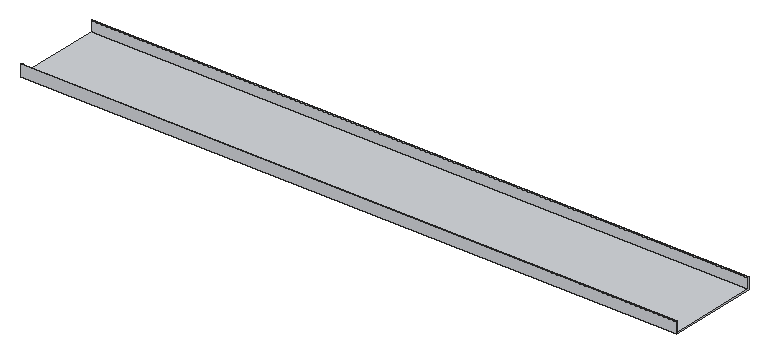
Revit family "Sigma Track", category Structural Framing, Revit 2026
Family settings
  Section Shape = Not Defined
  Material for Model Behavior = Other
  Always export as geometry = No
  Classification Number = 23.25.30.11.14.14
  Always vertical = Yes
  Cut with Voids When Loaded = No
  Symbolic Representation = From Family
  Shared = No
  Show family pre-cut in plan views = Yes
Parameters (values of type "1600SGT200-118, 50 ksi")
  Version = "2.0"
  URL = "http://www.steelnetwork.com/product.aspx/SSMA_TSectionStud"
  T = 0' - 0.1242"
  Stud_D = 1' - 4"
  Section_DB = 11
  Manufacturer = "The Steel Network, Inc."
  Length [instance] = 10' - 0"
  D = 1' - 4.435"
  B = 0' - 2"
Types (347): name | T | Stud_D | D | B
  (no name) | 0' - 0 13/128" | 1' - 0" | 1' - 0 91/256" | 0' - 2"
  250SGT125-33, 33 ksi | 0' - 0.0346" | 0' - 2 1/2" | 0' - 2.646" | 0' - 1 1/4"
  250SGT125-43, 33 ksi | 0' - 0.0451" | 0' - 2 1/2" | 0' - 2.661" | 0' - 1 1/4"
  250SGT125-54, 33 ksi | 0' - 0.0566" | 0' - 2 1/2" | 0' - 2.698" | 0' - 1 1/4"
  250SGT125-54, 50 ksi | 0' - 0.0566" | 0' - 2 1/2" | 0' - 2.698" | 0' - 1 1/4"
  250SGT125-68, 33 ksi | 0' - 0.0713" | 0' - 2 1/2" | 0' - 2 3/4" | 0' - 1 1/4"
  250SGT125-68, 50 ksi | 0' - 0.0713" | 0' - 2 1/2" | 0' - 2 3/4" | 0' - 1 1/4"
  250SGT150-33, 33 ksi | 0' - 0.0346" | 0' - 2 1/2" | 0' - 2.646" | 0' - 1 1/2"
  250SGT150-43, 33 ksi | 0' - 0.0451" | 0' - 2 1/2" | 0' - 2.661" | 0' - 1 1/2"
  250SGT150-54, 33 ksi | 0' - 0.0566" | 0' - 2 1/2" | 0' - 2.698" | 0' - 1 1/2"
  250SGT150-54, 50 ksi | 0' - 0.0566" | 0' - 2 1/2" | 0' - 2.698" | 0' - 1 1/2"
  250SGT150-68, 33 ksi | 0' - 0.0713" | 0' - 2 1/2" | 0' - 2 3/4" | 0' - 1 1/2"
  250SGT150-68, 50 ksi | 0' - 0.0713" | 0' - 2 1/2" | 0' - 2 3/4" | 0' - 1 1/2"
  250SGT200-33, 33 ksi | 0' - 0.0346" | 0' - 2 1/2" | 0' - 2.646" | 0' - 2"
  250SGT200-43, 33 ksi | 0' - 0.0451" | 0' - 2 1/2" | 0' - 2.661" | 0' - 2"
  250SGT200-54, 33 ksi | 0' - 0.0566" | 0' - 2 1/2" | 0' - 2.698" | 0' - 2"
  250SGT200-54, 50 ksi | 0' - 0.0566" | 0' - 2 1/2" | 0' - 2.698" | 0' - 2"
  250SGT200-68, 33 ksi | 0' - 0.0713" | 0' - 2 1/2" | 0' - 2 3/4" | 0' - 2"
  250SGT200-68, 50 ksi | 0' - 0.0713" | 0' - 2 1/2" | 0' - 2 3/4" | 0' - 2"
  350SGT125-33, 33 ksi | 0' - 0.0346" | 0' - 3 1/2" | 0' - 3.646" | 0' - 1 1/4"
  350SGT125-43, 33 ksi | 0' - 0.0451" | 0' - 3 1/2" | 0' - 3.661" | 0' - 1 1/4"
  350SGT125-54, 33 ksi | 0' - 0.0566" | 0' - 3 1/2" | 0' - 3.698" | 0' - 1 1/4"
  350SGT125-54, 50 ksi | 0' - 0.0566" | 0' - 3 1/2" | 0' - 3.698" | 0' - 1 1/4"
  350SGT125-68, 33 ksi | 0' - 0.0713" | 0' - 3 1/2" | 0' - 3 3/4" | 0' - 1 1/4"
  350SGT125-68, 50 ksi | 0' - 0.0713" | 0' - 3 1/2" | 0' - 3 3/4" | 0' - 1 1/4"
  350SGT150-33, 33 ksi | 0' - 0.0346" | 0' - 3 1/2" | 0' - 3.646" | 0' - 1 1/2"
  350SGT150-43, 33 ksi | 0' - 0.0451" | 0' - 3 1/2" | 0' - 3.661" | 0' - 1 1/2"
  350SGT150-54, 33 ksi | 0' - 0.0566" | 0' - 3 1/2" | 0' - 3.698" | 0' - 1 1/2"
  350SGT150-54, 50 ksi | 0' - 0.0566" | 0' - 3 1/2" | 0' - 3.698" | 0' - 1 1/2"
  350SGT150-68, 33 ksi | 0' - 0.0713" | 0' - 3 1/2" | 0' - 3 3/4" | 0' - 1 1/2"
  350SGT150-68, 50 ksi | 0' - 0.0713" | 0' - 3 1/2" | 0' - 3 3/4" | 0' - 1 1/2"
  350SGT150-97, 33 ksi | 0' - 0.1017" | 0' - 3 1/2" | 0' - 3.856" | 0' - 1 1/2"
  350SGT150-97, 50 ksi | 0' - 0.1017" | 0' - 3 1/2" | 0' - 3.856" | 0' - 1 1/2"
  350SGT200-33, 33 ksi | 0' - 0.0346" | 0' - 3 1/2" | 0' - 3.646" | 0' - 2"
  350SGT200-43, 33 ksi | 0' - 0.0451" | 0' - 3 1/2" | 0' - 3.661" | 0' - 2"
  350SGT200-54, 33 ksi | 0' - 0.0566" | 0' - 3 1/2" | 0' - 3.698" | 0' - 2"
  350SGT200-54, 50 ksi | 0' - 0.0566" | 0' - 3 1/2" | 0' - 3.698" | 0' - 2"
  350SGT200-68, 33 ksi | 0' - 0.0713" | 0' - 3 1/2" | 0' - 3 3/4" | 0' - 2"
  350SGT200-68, 50 ksi | 0' - 0.0713" | 0' - 3 1/2" | 0' - 3 3/4" | 0' - 2"
  350SGT200-97, 33 ksi | 0' - 0.1017" | 0' - 3 1/2" | 0' - 3.856" | 0' - 2"
  350SGT200-97, 50 ksi | 0' - 0.1017" | 0' - 3 1/2" | 0' - 3.856" | 0' - 2"
  362SGT125-33, 33 ksi | 0' - 0.0346" | 0' - 3 5/8" | 0' - 3.771" | 0' - 1 1/4"
  362SGT125-43, 33 ksi | 0' - 0.0451" | 0' - 3 5/8" | 0' - 3.786" | 0' - 1 1/4"
  362SGT125-54, 33 ksi | 0' - 0.0566" | 0' - 3 5/8" | 0' - 3.823" | 0' - 1 1/4"
  362SGT125-54, 50 ksi | 0' - 0.0566" | 0' - 3 5/8" | 0' - 3.823" | 0' - 1 1/4"
  362SGT125-68, 33 ksi | 0' - 0.0713" | 0' - 3 5/8" | 0' - 3 7/8" | 0' - 1 1/4"
  362SGT125-68, 50 ksi | 0' - 0.0713" | 0' - 3 5/8" | 0' - 3 7/8" | 0' - 1 1/4"
  362SGT125-97, 33 ksi | 0' - 0.1017" | 0' - 3 5/8" | 0' - 3.981" | 0' - 1 1/4"
  362SGT125-97, 50 ksi | 0' - 0.1017" | 0' - 3 5/8" | 0' - 3.981" | 0' - 1 1/4"
  362SGT150-33, 33 ksi | 0' - 0.0346" | 0' - 3 5/8" | 0' - 3.771" | 0' - 1 1/2"
  362SGT150-43, 33 ksi | 0' - 0.0451" | 0' - 3 5/8" | 0' - 3.786" | 0' - 1 1/2"
  362SGT150-54, 33 ksi | 0' - 0.0566" | 0' - 3 5/8" | 0' - 3.823" | 0' - 1 1/2"
  362SGT150-54, 50 ksi | 0' - 0.0566" | 0' - 3 5/8" | 0' - 3.823" | 0' - 1 1/2"
  362SGT150-68, 33 ksi | 0' - 0.0713" | 0' - 3 5/8" | 0' - 3 7/8" | 0' - 1 1/2"
  362SGT150-68, 50 ksi | 0' - 0.0713" | 0' - 3 5/8" | 0' - 3 7/8" | 0' - 1 1/2"
  362SGT150-97, 33 ksi | 0' - 0.1017" | 0' - 3 5/8" | 0' - 3.981" | 0' - 1 1/2"
  362SGT150-97, 50 ksi | 0' - 0.1017" | 0' - 3 5/8" | 0' - 3.981" | 0' - 1 1/2"
  362SGT200-33, 33 ksi | 0' - 0.0346" | 0' - 3 5/8" | 0' - 3.771" | 0' - 2"
  362SGT200-43, 33 ksi | 0' - 0.0451" | 0' - 3 5/8" | 0' - 3.786" | 0' - 2"
  362SGT200-54, 33 ksi | 0' - 0.0566" | 0' - 3 5/8" | 0' - 3.823" | 0' - 2"
  362SGT200-54, 50 ksi | 0' - 0.0566" | 0' - 3 5/8" | 0' - 3.823" | 0' - 2"
  362SGT200-68, 33 ksi | 0' - 0.0713" | 0' - 3 5/8" | 0' - 3 7/8" | 0' - 2"
  362SGT200-68, 50 ksi | 0' - 0.0713" | 0' - 3 5/8" | 0' - 3 7/8" | 0' - 2"
  362SGT200-97, 33 ksi | 0' - 0.1017" | 0' - 3 5/8" | 0' - 3.981" | 0' - 2"
  362SGT200-97, 50 ksi | 0' - 0.1017" | 0' - 3 5/8" | 0' - 3.981" | 0' - 2"
  362SGT250-43, 33 ksi | 0' - 0.0451" | 0' - 3 5/8" | 0' - 3.786" | 0' - 2 1/2"
  362SGT250-54, 33 ksi | 0' - 0.0566" | 0' - 3 5/8" | 0' - 3.823" | 0' - 2 1/2"
  362SGT250-54, 50 ksi | 0' - 0.0566" | 0' - 3 5/8" | 0' - 3.823" | 0' - 2 1/2"
  362SGT250-68, 33 ksi | 0' - 0.0713" | 0' - 3 5/8" | 0' - 3 7/8" | 0' - 2 1/2"
  362SGT250-68, 50 ksi | 0' - 0.0713" | 0' - 3 5/8" | 0' - 3 7/8" | 0' - 2 1/2"
  362SGT250-97, 33 ksi | 0' - 0.1017" | 0' - 3 5/8" | 0' - 3.981" | 0' - 2 1/2"
  362SGT250-97, 50 ksi | 0' - 0.1017" | 0' - 3 5/8" | 0' - 3.981" | 0' - 2 1/2"
  400SGT125-33, 33 ksi | 0' - 0.0346" | 0' - 4" | 0' - 4.146" | 0' - 1 1/4"
  400SGT125-43, 33 ksi | 0' - 0.0451" | 0' - 4" | 0' - 4.161" | 0' - 1 1/4"
  400SGT125-54, 33 ksi | 0' - 0.0566" | 0' - 4" | 0' - 4.198" | 0' - 1 1/4"
  400SGT125-54, 50 ksi | 0' - 0.0566" | 0' - 4" | 0' - 4.198" | 0' - 1 1/4"
  400SGT125-68, 33 ksi | 0' - 0.0713" | 0' - 4" | 0' - 4 1/4" | 0' - 1 1/4"
  400SGT125-68, 50 ksi | 0' - 0.0713" | 0' - 4" | 0' - 4 1/4" | 0' - 1 1/4"
  400SGT125-97, 33 ksi | 0' - 0.1017" | 0' - 4" | 0' - 4.356" | 0' - 1 1/4"
  400SGT125-97, 50 ksi | 0' - 0.1017" | 0' - 4" | 0' - 4.356" | 0' - 1 1/4"
  400SGT150-33, 33 ksi | 0' - 0.0346" | 0' - 4" | 0' - 4.146" | 0' - 1 1/2"
  400SGT150-43, 33 ksi | 0' - 0.0451" | 0' - 4" | 0' - 4.161" | 0' - 1 1/2"
  400SGT150-54, 33 ksi | 0' - 0.0566" | 0' - 4" | 0' - 4.198" | 0' - 1 1/2"
  400SGT150-54, 50 ksi | 0' - 0.0566" | 0' - 4" | 0' - 4.198" | 0' - 1 1/2"
  400SGT150-68, 33 ksi | 0' - 0.0713" | 0' - 4" | 0' - 4 1/4" | 0' - 1 1/2"
  400SGT150-68, 50 ksi | 0' - 0.0713" | 0' - 4" | 0' - 4 1/4" | 0' - 1 1/2"
  400SGT150-97, 33 ksi | 0' - 0.1017" | 0' - 4" | 0' - 4.356" | 0' - 1 1/2"
  400SGT150-97, 50 ksi | 0' - 0.1017" | 0' - 4" | 0' - 4.356" | 0' - 1 1/2"
  400SGT200-33, 33 ksi | 0' - 0.0346" | 0' - 4" | 0' - 4.146" | 0' - 2"
  400SGT200-43, 33 ksi | 0' - 0.0451" | 0' - 4" | 0' - 4.161" | 0' - 2"
  400SGT200-54, 33 ksi | 0' - 0.0566" | 0' - 4" | 0' - 4.198" | 0' - 2"
  400SGT200-54, 50 ksi | 0' - 0.0566" | 0' - 4" | 0' - 4.198" | 0' - 2"
  400SGT200-68, 33 ksi | 0' - 0.0713" | 0' - 4" | 0' - 4 1/4" | 0' - 2"
  400SGT200-68, 50 ksi | 0' - 0.0713" | 0' - 4" | 0' - 4 1/4" | 0' - 2"
  400SGT200-97, 33 ksi | 0' - 0.1017" | 0' - 4" | 0' - 4.356" | 0' - 2"
  400SGT200-97, 50 ksi | 0' - 0.1017" | 0' - 4" | 0' - 4.356" | 0' - 2"
  400SGT250-43, 33 ksi | 0' - 0.0451" | 0' - 4" | 0' - 4.161" | 0' - 2 1/2"
  400SGT250-54, 33 ksi | 0' - 0.0566" | 0' - 4" | 0' - 4.198" | 0' - 2 1/2"
  400SGT250-54, 50 ksi | 0' - 0.0566" | 0' - 4" | 0' - 4.198" | 0' - 2 1/2"
  400SGT250-68, 33 ksi | 0' - 0.0713" | 0' - 4" | 0' - 4 1/4" | 0' - 2 1/2"
  400SGT250-68, 50 ksi | 0' - 0.0713" | 0' - 4" | 0' - 4 1/4" | 0' - 2 1/2"
  400SGT250-97, 33 ksi | 0' - 0.1017" | 0' - 4" | 0' - 4.356" | 0' - 2 1/2"
  400SGT250-97, 50 ksi | 0' - 0.1017" | 0' - 4" | 0' - 4.356" | 0' - 2 1/2"
  400SGT300-54, 33 ksi | 0' - 0.0566" | 0' - 4" | 0' - 4.198" | 0' - 3"
  400SGT300-54, 50 ksi | 0' - 0.0566" | 0' - 4" | 0' - 4.198" | 0' - 3"
  400SGT300-68, 33 ksi | 0' - 0.0713" | 0' - 4" | 0' - 4 1/4" | 0' - 3"
  400SGT300-68, 50 ksi | 0' - 0.0713" | 0' - 4" | 0' - 4 1/4" | 0' - 3"
  400SGT300-97, 33 ksi | 0' - 0.1017" | 0' - 4" | 0' - 4.356" | 0' - 3"
  400SGT300-97, 50 ksi | 0' - 0.1017" | 0' - 4" | 0' - 4.356" | 0' - 3"
  550SGT125-33, 33 ksi | 0' - 0.0346" | 0' - 5 1/2" | 0' - 5.646" | 0' - 1 1/4"
  550SGT125-43, 33 ksi | 0' - 0.0451" | 0' - 5 1/2" | 0' - 5.661" | 0' - 1 1/4"
  550SGT125-54, 33 ksi | 0' - 0.0566" | 0' - 5 1/2" | 0' - 5.698" | 0' - 1 1/4"
  550SGT125-54, 50 ksi | 0' - 0.0566" | 0' - 5 1/2" | 0' - 5.698" | 0' - 1 1/4"
  550SGT125-68, 33 ksi | 0' - 0.0713" | 0' - 5 1/2" | 0' - 5 3/4" | 0' - 1 1/4"
  550SGT125-68, 50 ksi | 0' - 0.0713" | 0' - 5 1/2" | 0' - 5 3/4" | 0' - 1 1/4"
  550SGT125-97, 33 ksi | 0' - 0.1017" | 0' - 5 1/2" | 0' - 5.856" | 0' - 1 1/4"
  550SGT125-97, 50 ksi | 0' - 0.1017" | 0' - 5 1/2" | 0' - 5.856" | 0' - 1 1/4"
  550SGT150-33, 33 ksi | 0' - 0.0346" | 0' - 5 1/2" | 0' - 5.646" | 0' - 1 1/2"
  550SGT150-43, 33 ksi | 0' - 0.0451" | 0' - 5 1/2" | 0' - 5.661" | 0' - 1 1/2"
  550SGT150-54, 33 ksi | 0' - 0.0566" | 0' - 5 1/2" | 0' - 5.698" | 0' - 1 1/2"
  550SGT150-54, 50 ksi | 0' - 0.0566" | 0' - 5 1/2" | 0' - 5.698" | 0' - 1 1/2"
  550SGT150-68, 33 ksi | 0' - 0.0713" | 0' - 5 1/2" | 0' - 5 3/4" | 0' - 1 1/2"
  550SGT150-68, 50 ksi | 0' - 0.0713" | 0' - 5 1/2" | 0' - 5 3/4" | 0' - 1 1/2"
  550SGT150-97, 33 ksi | 0' - 0.1017" | 0' - 5 1/2" | 0' - 5.856" | 0' - 1 1/2"
  550SGT150-97, 50 ksi | 0' - 0.1017" | 0' - 5 1/2" | 0' - 5.856" | 0' - 1 1/2"
  550SGT200-33, 33 ksi | 0' - 0.0346" | 0' - 5 1/2" | 0' - 5.646" | 0' - 2"
  550SGT200-43, 33 ksi | 0' - 0.0451" | 0' - 5 1/2" | 0' - 5.661" | 0' - 2"
  550SGT200-54, 33 ksi | 0' - 0.0566" | 0' - 5 1/2" | 0' - 5.698" | 0' - 2"
  550SGT200-54, 50 ksi | 0' - 0.0566" | 0' - 5 1/2" | 0' - 5.698" | 0' - 2"
  550SGT200-68, 33 ksi | 0' - 0.0713" | 0' - 5 1/2" | 0' - 5 3/4" | 0' - 2"
  550SGT200-68, 50 ksi | 0' - 0.0713" | 0' - 5 1/2" | 0' - 5 3/4" | 0' - 2"
  550SGT200-97, 33 ksi | 0' - 0.1017" | 0' - 5 1/2" | 0' - 5.856" | 0' - 2"
  550SGT200-97, 50 ksi | 0' - 0.1017" | 0' - 5 1/2" | 0' - 5.856" | 0' - 2"
  600SGT125-33, 33 ksi | 0' - 0.0346" | 0' - 6" | 0' - 6.146" | 0' - 1 1/4"
  600SGT125-43, 33 ksi | 0' - 0.0451" | 0' - 6" | 0' - 6.161" | 0' - 1 1/4"
  600SGT125-54, 33 ksi | 0' - 0.0566" | 0' - 6" | 0' - 6.198" | 0' - 1 1/4"
  600SGT125-54, 50 ksi | 0' - 0.0566" | 0' - 6" | 0' - 6.198" | 0' - 1 1/4"
  600SGT125-68, 33 ksi | 0' - 0.0713" | 0' - 6" | 0' - 6 1/4" | 0' - 1 1/4"
  600SGT125-68, 50 ksi | 0' - 0.0713" | 0' - 6" | 0' - 6 1/4" | 0' - 1 1/4"
  600SGT125-97, 33 ksi | 0' - 0.1017" | 0' - 6" | 0' - 6.356" | 0' - 1 1/4"
  600SGT125-97, 50 ksi | 0' - 0.1017" | 0' - 6" | 0' - 6.356" | 0' - 1 1/4"
  600SGT150-33, 33 ksi | 0' - 0.0346" | 0' - 6" | 0' - 6.146" | 0' - 1 1/2"
  600SGT150-43, 33 ksi | 0' - 0.0451" | 0' - 6" | 0' - 6.161" | 0' - 1 1/2"
  600SGT150-54, 33 ksi | 0' - 0.0566" | 0' - 6" | 0' - 6.198" | 0' - 1 1/2"
  600SGT150-54, 50 ksi | 0' - 0.0566" | 0' - 6" | 0' - 6.198" | 0' - 1 1/2"
  600SGT150-68, 33 ksi | 0' - 0.0713" | 0' - 6" | 0' - 6 1/4" | 0' - 1 1/2"
  600SGT150-68, 50 ksi | 0' - 0.0713" | 0' - 6" | 0' - 6 1/4" | 0' - 1 1/2"
  600SGT150-97, 33 ksi | 0' - 0.1017" | 0' - 6" | 0' - 6.356" | 0' - 1 1/2"
  600SGT150-97, 50 ksi | 0' - 0.1017" | 0' - 6" | 0' - 6.356" | 0' - 1 1/2"
  600SGT150-118, 50 ksi | 0' - 0.1242" | 0' - 6" | 0' - 6.435" | 0' - 1 1/2"
  600SGT200-33, 33 ksi | 0' - 0.0346" | 0' - 6" | 0' - 6.146" | 0' - 2"
  600SGT200-43, 33 ksi | 0' - 0.0451" | 0' - 6" | 0' - 6.161" | 0' - 2"
  600SGT200-54, 33 ksi | 0' - 0.0566" | 0' - 6" | 0' - 6.198" | 0' - 2"
  600SGT200-54, 50 ksi | 0' - 0.0566" | 0' - 6" | 0' - 6.198" | 0' - 2"
  600SGT200-68, 33 ksi | 0' - 0.0713" | 0' - 6" | 0' - 6 1/4" | 0' - 2"
  600SGT200-68, 50 ksi | 0' - 0.0713" | 0' - 6" | 0' - 6 1/4" | 0' - 2"
  600SGT200-97, 33 ksi | 0' - 0.1017" | 0' - 6" | 0' - 6.356" | 0' - 2"
  600SGT200-97, 50 ksi | 0' - 0.1017" | 0' - 6" | 0' - 6.356" | 0' - 2"
  600SGT200-118, 50 ksi | 0' - 0.1242" | 0' - 6" | 0' - 6.435" | 0' - 2"
  600SGT250-43, 33 ksi | 0' - 0.0451" | 0' - 6" | 0' - 6.161" | 0' - 2 1/2"
  600SGT250-54, 33 ksi | 0' - 0.0566" | 0' - 6" | 0' - 6.198" | 0' - 2 1/2"
  600SGT250-54, 50 ksi | 0' - 0.0566" | 0' - 6" | 0' - 6.198" | 0' - 2 1/2"
  600SGT250-68, 33 ksi | 0' - 0.0713" | 0' - 6" | 0' - 6 1/4" | 0' - 2 1/2"
  600SGT250-68, 50 ksi | 0' - 0.0713" | 0' - 6" | 0' - 6 1/4" | 0' - 2 1/2"
  600SGT250-97, 33 ksi | 0' - 0.1017" | 0' - 6" | 0' - 6.356" | 0' - 2 1/2"
  600SGT250-97, 50 ksi | 0' - 0.1017" | 0' - 6" | 0' - 6.356" | 0' - 2 1/2"
  600SGT300-54, 33 ksi | 0' - 0.0566" | 0' - 6" | 0' - 6.198" | 0' - 3"
  600SGT300-54, 50 ksi | 0' - 0.0566" | 0' - 6" | 0' - 6.198" | 0' - 3"
  600SGT300-68, 33 ksi | 0' - 0.0713" | 0' - 6" | 0' - 6 1/4" | 0' - 3"
  600SGT300-68, 50 ksi | 0' - 0.0713" | 0' - 6" | 0' - 6 1/4" | 0' - 3"
  600SGT300-97, 33 ksi | 0' - 0.1017" | 0' - 6" | 0' - 6.356" | 0' - 3"
  600SGT300-97, 50 ksi | 0' - 0.1017" | 0' - 6" | 0' - 6.356" | 0' - 3"
  800SGT125-33, 33 ksi | 0' - 0.0346" | 0' - 8" | 0' - 8.146" | 0' - 1 1/4"
  800SGT125-43, 33 ksi | 0' - 0.0451" | 0' - 8" | 0' - 8.161" | 0' - 1 1/4"
  800SGT125-54, 33 ksi | 0' - 0.0566" | 0' - 8" | 0' - 8.198" | 0' - 1 1/4"
  800SGT125-54, 50 ksi | 0' - 0.0566" | 0' - 8" | 0' - 8.198" | 0' - 1 1/4"
  800SGT125-68, 33 ksi | 0' - 0.0713" | 0' - 8" | 0' - 8 1/4" | 0' - 1 1/4"
  800SGT125-68, 50 ksi | 0' - 0.0713" | 0' - 8" | 0' - 8 1/4" | 0' - 1 1/4"
  800SGT125-97, 33 ksi | 0' - 0.1017" | 0' - 8" | 0' - 8.356" | 0' - 1 1/4"
  800SGT125-97, 50 ksi | 0' - 0.1017" | 0' - 8" | 0' - 8.356" | 0' - 1 1/4"
  800SGT150-33, 33 ksi | 0' - 0.0346" | 0' - 8" | 0' - 8.146" | 0' - 1 1/2"
  800SGT150-43, 33 ksi | 0' - 0.0451" | 0' - 8" | 0' - 8.161" | 0' - 1 1/2"
  800SGT150-54, 33 ksi | 0' - 0.0566" | 0' - 8" | 0' - 8.198" | 0' - 1 1/2"
  800SGT150-54, 50 ksi | 0' - 0.0566" | 0' - 8" | 0' - 8.198" | 0' - 1 1/2"
  800SGT150-68, 33 ksi | 0' - 0.0713" | 0' - 8" | 0' - 8 1/4" | 0' - 1 1/2"
  800SGT150-68, 50 ksi | 0' - 0.0713" | 0' - 8" | 0' - 8 1/4" | 0' - 1 1/2"
  800SGT150-97, 33 ksi | 0' - 0.1017" | 0' - 8" | 0' - 8.356" | 0' - 1 1/2"
  800SGT150-97, 50 ksi | 0' - 0.1017" | 0' - 8" | 0' - 8.356" | 0' - 1 1/2"
  800SGT150-118, 50 ksi | 0' - 0.1242" | 0' - 8" | 0' - 8.435" | 0' - 1 1/2"
  800SGT200-33, 33 ksi | 0' - 0.0346" | 0' - 8" | 0' - 8.146" | 0' - 2"
  800SGT200-43, 33 ksi | 0' - 0.0451" | 0' - 8" | 0' - 8.161" | 0' - 2"
  800SGT200-54, 33 ksi | 0' - 0.0566" | 0' - 8" | 0' - 8.198" | 0' - 2"
  800SGT200-54, 50 ksi | 0' - 0.0566" | 0' - 8" | 0' - 8.198" | 0' - 2"
  800SGT200-68, 33 ksi | 0' - 0.0713" | 0' - 8" | 0' - 8 1/4" | 0' - 2"
  800SGT200-68, 50 ksi | 0' - 0.0713" | 0' - 8" | 0' - 8 1/4" | 0' - 2"
  800SGT200-97, 33 ksi | 0' - 0.1017" | 0' - 8" | 0' - 8.356" | 0' - 2"
  800SGT200-97, 50 ksi | 0' - 0.1017" | 0' - 8" | 0' - 8.356" | 0' - 2"
  800SGT200-118, 50 ksi | 0' - 0.1242" | 0' - 8" | 0' - 8.435" | 0' - 2"
  800SGT250-43, 33 ksi | 0' - 0.0451" | 0' - 8" | 0' - 8.161" | 0' - 2 1/2"
  800SGT250-54, 33 ksi | 0' - 0.0566" | 0' - 8" | 0' - 8.198" | 0' - 2 1/2"
  800SGT250-54, 50 ksi | 0' - 0.0566" | 0' - 8" | 0' - 8.198" | 0' - 2 1/2"
  800SGT250-68, 33 ksi | 0' - 0.0713" | 0' - 8" | 0' - 8 1/4" | 0' - 2 1/2"
  800SGT250-68, 50 ksi | 0' - 0.0713" | 0' - 8" | 0' - 8 1/4" | 0' - 2 1/2"
  800SGT250-97, 33 ksi | 0' - 0.1017" | 0' - 8" | 0' - 8.356" | 0' - 2 1/2"
  800SGT250-97, 50 ksi | 0' - 0.1017" | 0' - 8" | 0' - 8.356" | 0' - 2 1/2"
  800SGT300-54, 33 ksi | 0' - 0.0566" | 0' - 8" | 0' - 8.198" | 0' - 3"
  800SGT300-54, 50 ksi | 0' - 0.0566" | 0' - 8" | 0' - 8.198" | 0' - 3"
  800SGT300-68, 33 ksi | 0' - 0.0713" | 0' - 8" | 0' - 8 1/4" | 0' - 3"
  800SGT300-68, 50 ksi | 0' - 0.0713" | 0' - 8" | 0' - 8 1/4" | 0' - 3"
  800SGT300-97, 33 ksi | 0' - 0.1017" | 0' - 8" | 0' - 8.356" | 0' - 3"
  800SGT300-97, 50 ksi | 0' - 0.1017" | 0' - 8" | 0' - 8.356" | 0' - 3"
  925SGT125-43, 33 ksi | 0' - 0.0451" | 0' - 9 1/4" | 0' - 9.411" | 0' - 1 1/4"
  925SGT125-54, 33 ksi | 0' - 0.0566" | 0' - 9 1/4" | 0' - 9.448" | 0' - 1 1/4"
  925SGT125-54, 50 ksi | 0' - 0.0566" | 0' - 9 1/4" | 0' - 9.448" | 0' - 1 1/4"
  925SGT125-68, 33 ksi | 0' - 0.0713" | 0' - 9 1/4" | 0' - 9 1/2" | 0' - 1 1/4"
  925SGT125-68, 50 ksi | 0' - 0.0713" | 0' - 9 1/4" | 0' - 9 1/2" | 0' - 1 1/4"
  925SGT125-97, 33 ksi | 0' - 0.1017" | 0' - 9 1/4" | 0' - 9.606" | 0' - 1 1/4"
  925SGT125-97, 50 ksi | 0' - 0.1017" | 0' - 9 1/4" | 0' - 9.606" | 0' - 1 1/4"
  925SGT200-43, 33 ksi | 0' - 0.0451" | 0' - 9 1/4" | 0' - 9.411" | 0' - 2"
  925SGT200-54, 33 ksi | 0' - 0.0566" | 0' - 9 1/4" | 0' - 9.448" | 0' - 2"
  925SGT200-54, 50 ksi | 0' - 0.0566" | 0' - 9 1/4" | 0' - 9.448" | 0' - 2"
  925SGT200-68, 33 ksi | 0' - 0.0713" | 0' - 9 1/4" | 0' - 9 1/2" | 0' - 2"
  925SGT200-68, 50 ksi | 0' - 0.0713" | 0' - 9 1/4" | 0' - 9 1/2" | 0' - 2"
  925SGT200-97, 33 ksi | 0' - 0.1017" | 0' - 9 1/4" | 0' - 9.606" | 0' - 2"
  925SGT200-97, 50 ksi | 0' - 0.1017" | 0' - 9 1/4" | 0' - 9.606" | 0' - 2"
  1000SGT125-43, 33 ksi | 0' - 0.0451" | 0' - 10" | 0' - 10.161" | 0' - 1 1/4"
  1000SGT125-54, 33 ksi | 0' - 0.0566" | 0' - 10" | 0' - 10.198" | 0' - 1 1/4"
  1000SGT125-54, 50 ksi | 0' - 0.0566" | 0' - 10" | 0' - 10.198" | 0' - 1 1/4"
  1000SGT125-68, 33 ksi | 0' - 0.0713" | 0' - 10" | 0' - 10 1/4" | 0' - 1 1/4"
  1000SGT125-68, 50 ksi | 0' - 0.0713" | 0' - 10" | 0' - 10 1/4" | 0' - 1 1/4"
  1000SGT125-97, 33 ksi | 0' - 0.1017" | 0' - 10" | 0' - 10.356" | 0' - 1 1/4"
  1000SGT125-97, 50 ksi | 0' - 0.1017" | 0' - 10" | 0' - 10.356" | 0' - 1 1/4"
  1000SGT150-43, 33 ksi | 0' - 0.0451" | 0' - 10" | 0' - 10.161" | 0' - 1 1/2"
  1000SGT150-54, 33 ksi | 0' - 0.0566" | 0' - 10" | 0' - 10.198" | 0' - 1 1/2"
  1000SGT150-54, 50 ksi | 0' - 0.0566" | 0' - 10" | 0' - 10.198" | 0' - 1 1/2"
  1000SGT150-68, 33 ksi | 0' - 0.0713" | 0' - 10" | 0' - 10 1/4" | 0' - 1 1/2"
  1000SGT150-68, 50 ksi | 0' - 0.0713" | 0' - 10" | 0' - 10 1/4" | 0' - 1 1/2"
  1000SGT150-97, 33 ksi | 0' - 0.1017" | 0' - 10" | 0' - 10.356" | 0' - 1 1/2"
  1000SGT150-97, 50 ksi | 0' - 0.1017" | 0' - 10" | 0' - 10.356" | 0' - 1 1/2"
  1000SGT150-118, 50 ksi | 0' - 0.1242" | 0' - 10" | 0' - 10.435" | 0' - 1 1/2"
  1000SGT200-43, 33 ksi | 0' - 0.0451" | 0' - 10" | 0' - 10.161" | 0' - 2"
  1000SGT200-54, 33 ksi | 0' - 0.0566" | 0' - 10" | 0' - 10.198" | 0' - 2"
  1000SGT200-54, 50 ksi | 0' - 0.0566" | 0' - 10" | 0' - 10.198" | 0' - 2"
  1000SGT200-68, 33 ksi | 0' - 0.0713" | 0' - 10" | 0' - 10 1/4" | 0' - 2"
  1000SGT200-68, 50 ksi | 0' - 0.0713" | 0' - 10" | 0' - 10 1/4" | 0' - 2"
  1000SGT200-97, 33 ksi | 0' - 0.1017" | 0' - 10" | 0' - 10.356" | 0' - 2"
  1000SGT200-97, 50 ksi | 0' - 0.1017" | 0' - 10" | 0' - 10.356" | 0' - 2"
  1000SGT200-118, 50 ksi | 0' - 0.1242" | 0' - 10" | 0' - 10.435" | 0' - 2"
  1000SGT250-43, 33 ksi | 0' - 0.0451" | 0' - 10" | 0' - 10.161" | 0' - 2 1/2"
  1000SGT250-54, 33 ksi | 0' - 0.0566" | 0' - 10" | 0' - 10.198" | 0' - 2 1/2"
  1000SGT250-54, 50 ksi | 0' - 0.0566" | 0' - 10" | 0' - 10.198" | 0' - 2 1/2"
  1000SGT250-68, 33 ksi | 0' - 0.0713" | 0' - 10" | 0' - 10 1/4" | 0' - 2 1/2"
  1000SGT250-68, 50 ksi | 0' - 0.0713" | 0' - 10" | 0' - 10 1/4" | 0' - 2 1/2"
  1000SGT250-97, 33 ksi | 0' - 0.1017" | 0' - 10" | 0' - 10.356" | 0' - 2 1/2"
  1000SGT250-97, 50 ksi | 0' - 0.1017" | 0' - 10" | 0' - 10.356" | 0' - 2 1/2"
  1000SGT300-54, 33 ksi | 0' - 0.0566" | 0' - 10" | 0' - 10.198" | 0' - 3"
  1000SGT300-54, 50 ksi | 0' - 0.0566" | 0' - 10" | 0' - 10.198" | 0' - 3"
  1000SGT300-68, 33 ksi | 0' - 0.0713" | 0' - 10" | 0' - 10 1/4" | 0' - 3"
  1000SGT300-68, 50 ksi | 0' - 0.0713" | 0' - 10" | 0' - 10 1/4" | 0' - 3"
  1000SGT300-97, 33 ksi | 0' - 0.1017" | 0' - 10" | 0' - 10.356" | 0' - 3"
  1000SGT300-97, 50 ksi | 0' - 0.1017" | 0' - 10" | 0' - 10.356" | 0' - 3"
  1150SGT125-54, 33 ksi | 0' - 0.0566" | 0' - 11 1/2" | 0' - 11.698" | 0' - 1 1/4"
  1150SGT125-54, 50 ksi | 0' - 0.0566" | 0' - 11 1/2" | 0' - 11.698" | 0' - 1 1/4"
  1150SGT125-68, 33 ksi | 0' - 0.0713" | 0' - 11 1/2" | 0' - 11 3/4" | 0' - 1 1/4"
  1150SGT125-68, 50 ksi | 0' - 0.0713" | 0' - 11 1/2" | 0' - 11 3/4" | 0' - 1 1/4"
  1150SGT125-97, 33 ksi | 0' - 0.1017" | 0' - 11 1/2" | 0' - 11.856" | 0' - 1 1/4"
  1150SGT125-97, 50 ksi | 0' - 0.1017" | 0' - 11 1/2" | 0' - 11.856" | 0' - 1 1/4"
  1150SGT200-54, 33 ksi | 0' - 0.0566" | 0' - 11 1/2" | 0' - 11.698" | 0' - 2"
  1150SGT200-54, 50 ksi | 0' - 0.0566" | 0' - 11 1/2" | 0' - 11.698" | 0' - 2"
  1150SGT200-68, 33 ksi | 0' - 0.0713" | 0' - 11 1/2" | 0' - 11 3/4" | 0' - 2"
  1150SGT200-68, 50 ksi | 0' - 0.0713" | 0' - 11 1/2" | 0' - 11 3/4" | 0' - 2"
  1150SGT200-97, 33 ksi | 0' - 0.1017" | 0' - 11 1/2" | 0' - 11.856" | 0' - 2"
  1150SGT200-97, 50 ksi | 0' - 0.1017" | 0' - 11 1/2" | 0' - 11.856" | 0' - 2"
  1200SGT125-54, 33 ksi | 0' - 0.0566" | 1' - 0" | 1' - 0.198" | 0' - 1 1/4"
  1200SGT125-54, 50 ksi | 0' - 0.0566" | 1' - 0" | 1' - 0.198" | 0' - 1 1/4"
  1200SGT125-68, 33 ksi | 0' - 0.0713" | 1' - 0" | 1' - 0 1/4" | 0' - 1 1/4"
  1200SGT125-68, 50 ksi | 0' - 0.0713" | 1' - 0" | 1' - 0 1/4" | 0' - 1 1/4"
  1200SGT125-97, 33 ksi | 0' - 0.1017" | 1' - 0" | 1' - 0.356" | 0' - 1 1/4"
  1200SGT125-97, 50 ksi | 0' - 0.1017" | 1' - 0" | 1' - 0.356" | 0' - 1 1/4"
  1200SGT150-54, 33 ksi | 0' - 0.0566" | 1' - 0" | 1' - 0.198" | 0' - 1 1/2"
  1200SGT150-54, 50 ksi | 0' - 0.0566" | 1' - 0" | 1' - 0.198" | 0' - 1 1/2"
  1200SGT150-68, 33 ksi | 0' - 0.0713" | 1' - 0" | 1' - 0 1/4" | 0' - 1 1/2"
  1200SGT150-68, 50 ksi | 0' - 0.0713" | 1' - 0" | 1' - 0 1/4" | 0' - 1 1/2"
  1200SGT150-97, 33 ksi | 0' - 0.1017" | 1' - 0" | 1' - 0.356" | 0' - 1 1/2"
  1200SGT150-97, 50 ksi | 0' - 0.1017" | 1' - 0" | 1' - 0.356" | 0' - 1 1/2"
  1200SGT150-118, 50 ksi | 0' - 0.1242" | 1' - 0" | 1' - 0.435" | 0' - 1 1/2"
  1200SGT200-54, 33 ksi | 0' - 0.0566" | 1' - 0" | 1' - 0.198" | 0' - 2"
  1200SGT200-54, 50 ksi | 0' - 0.0566" | 1' - 0" | 1' - 0.198" | 0' - 2"
  1200SGT200-68, 33 ksi | 0' - 0.0713" | 1' - 0" | 1' - 0 1/4" | 0' - 2"
  1200SGT200-68, 50 ksi | 0' - 0.0713" | 1' - 0" | 1' - 0 1/4" | 0' - 2"
  1200SGT200-97, 33 ksi | 0' - 0.1017" | 1' - 0" | 1' - 0.356" | 0' - 2"
  1200SGT200-97, 50 ksi | 0' - 0.1017" | 1' - 0" | 1' - 0.356" | 0' - 2"
  1200SGT200-118, 50 ksi | 0' - 0.1242" | 1' - 0" | 1' - 0.435" | 0' - 2"
  1200SGT250-54, 33 ksi | 0' - 0.0566" | 1' - 0" | 1' - 0.198" | 0' - 2 1/2"
  1200SGT250-54, 50 ksi | 0' - 0.0566" | 1' - 0" | 1' - 0.198" | 0' - 2 1/2"
  1200SGT250-68, 33 ksi | 0' - 0.0713" | 1' - 0" | 1' - 0 1/4" | 0' - 2 1/2"
  1200SGT250-68, 50 ksi | 0' - 0.0713" | 1' - 0" | 1' - 0 1/4" | 0' - 2 1/2"
  1200SGT250-97, 33 ksi | 0' - 0.1017" | 1' - 0" | 1' - 0.356" | 0' - 2 1/2"
  1200SGT250-97, 50 ksi | 0' - 0.1017" | 1' - 0" | 1' - 0.356" | 0' - 2 1/2"
  1200SGT300-54, 33 ksi | 0' - 0.0566" | 1' - 0" | 1' - 0.198" | 0' - 3"
  1200SGT300-54, 50 ksi | 0' - 0.0566" | 1' - 0" | 1' - 0.198" | 0' - 3"
  1200SGT300-68, 33 ksi | 0' - 0.0713" | 1' - 0" | 1' - 0 1/4" | 0' - 3"
  1200SGT300-68, 50 ksi | 0' - 0.0713" | 1' - 0" | 1' - 0 1/4" | 0' - 3"
  1200SGT300-97, 33 ksi | 0' - 0.1017" | 1' - 0" | 1' - 0.356" | 0' - 3"
  1200SGT300-97, 50 ksi | 0' - 0.1017" | 1' - 0" | 1' - 0.356" | 0' - 3"
  1400SGT125-54, 33 ksi | 0' - 0.0566" | 1' - 2" | 1' - 2.198" | 0' - 1 1/4"
  1400SGT125-54, 50 ksi | 0' - 0.0566" | 1' - 2" | 1' - 2.198" | 0' - 1 1/4"
  1400SGT125-68, 33 ksi | 0' - 0.0713" | 1' - 2" | 1' - 2 1/4" | 0' - 1 1/4"
  1400SGT125-68, 50 ksi | 0' - 0.0713" | 1' - 2" | 1' - 2 1/4" | 0' - 1 1/4"
  1400SGT125-97, 33 ksi | 0' - 0.1017" | 1' - 2" | 1' - 2.356" | 0' - 1 1/4"
  1400SGT125-97, 50 ksi | 0' - 0.1017" | 1' - 2" | 1' - 2.356" | 0' - 1 1/4"
  1400SGT150-54, 33 ksi | 0' - 0.0566" | 1' - 2" | 1' - 2.198" | 0' - 1 1/2"
  1400SGT150-54, 50 ksi | 0' - 0.0566" | 1' - 2" | 1' - 2.198" | 0' - 1 1/2"
  1400SGT150-68, 33 ksi | 0' - 0.0713" | 1' - 2" | 1' - 2 1/4" | 0' - 1 1/2"
  1400SGT150-68, 50 ksi | 0' - 0.0713" | 1' - 2" | 1' - 2 1/4" | 0' - 1 1/2"
  1400SGT150-97, 33 ksi | 0' - 0.1017" | 1' - 2" | 1' - 2.356" | 0' - 1 1/2"
  1400SGT150-97, 50 ksi | 0' - 0.1017" | 1' - 2" | 1' - 2.356" | 0' - 1 1/2"
  1400SGT150-118, 50 ksi | 0' - 0.1242" | 1' - 2" | 1' - 2.435" | 0' - 1 1/2"
  1400SGT200-54, 33 ksi | 0' - 0.0566" | 1' - 2" | 1' - 2.198" | 0' - 2"
  1400SGT200-54, 50 ksi | 0' - 0.0566" | 1' - 2" | 1' - 2.198" | 0' - 2"
  1400SGT200-68, 33 ksi | 0' - 0.0713" | 1' - 2" | 1' - 2 1/4" | 0' - 2"
  1400SGT200-68, 50 ksi | 0' - 0.0713" | 1' - 2" | 1' - 2 1/4" | 0' - 2"
  1400SGT200-97, 33 ksi | 0' - 0.1017" | 1' - 2" | 1' - 2.356" | 0' - 2"
  1400SGT200-97, 50 ksi | 0' - 0.1017" | 1' - 2" | 1' - 2.356" | 0' - 2"
  1400SGT200-118, 50 ksi | 0' - 0.1242" | 1' - 2" | 1' - 2.435" | 0' - 2"
  1400SGT250-54, 33 ksi | 0' - 0.0566" | 1' - 2" | 1' - 2.198" | 0' - 2 1/2"
  1400SGT250-54, 50 ksi | 0' - 0.0566" | 1' - 2" | 1' - 2.198" | 0' - 2 1/2"
  1400SGT250-68, 33 ksi | 0' - 0.0713" | 1' - 2" | 1' - 2 1/4" | 0' - 2 1/2"
  1400SGT250-68, 50 ksi | 0' - 0.0713" | 1' - 2" | 1' - 2 1/4" | 0' - 2 1/2"
  1400SGT250-97, 33 ksi | 0' - 0.1017" | 1' - 2" | 1' - 2.356" | 0' - 2 1/2"
  1400SGT250-97, 50 ksi | 0' - 0.1017" | 1' - 2" | 1' - 2.356" | 0' - 2 1/2"
  1400SGT300-54, 33 ksi | 0' - 0.0566" | 1' - 2" | 1' - 2.198" | 0' - 3"
  1400SGT300-54, 50 ksi | 0' - 0.0566" | 1' - 2" | 1' - 2.198" | 0' - 3"
  1400SGT300-68, 33 ksi | 0' - 0.0713" | 1' - 2" | 1' - 2 1/4" | 0' - 3"
  1400SGT300-68, 50 ksi | 0' - 0.0713" | 1' - 2" | 1' - 2 1/4" | 0' - 3"
  1400SGT300-97, 33 ksi | 0' - 0.1017" | 1' - 2" | 1' - 2.356" | 0' - 3"
  1400SGT300-97, 50 ksi | 0' - 0.1017" | 1' - 2" | 1' - 2.356" | 0' - 3"
  1600SGT125-68, 33 ksi | 0' - 0.0713" | 1' - 4" | 1' - 4 1/4" | 0' - 1 1/4"
  1600SGT125-68, 50 ksi | 0' - 0.0713" | 1' - 4" | 1' - 4 1/4" | 0' - 1 1/4"
  1600SGT125-97, 33 ksi | 0' - 0.1017" | 1' - 4" | 1' - 4.356" | 0' - 1 1/4"
  1600SGT125-97, 50 ksi | 0' - 0.1017" | 1' - 4" | 1' - 4.356" | 0' - 1 1/4"
  1600SGT125-118, 50 ksi | 0' - 0.1242" | 1' - 4" | 1' - 4.435" | 0' - 1 1/4"
  1600SGT200-68, 33 ksi | 0' - 0.0713" | 1' - 4" | 1' - 4 1/4" | 0' - 2"
  1600SGT200-68, 50 ksi | 0' - 0.0713" | 1' - 4" | 1' - 4 1/4" | 0' - 2"
  1600SGT200-97, 33 ksi | 0' - 0.1017" | 1' - 4" | 1' - 4.356" | 0' - 2"
  1600SGT200-97, 50 ksi | 0' - 0.1017" | 1' - 4" | 1' - 4.356" | 0' - 2"
  1600SGT200-118, 50 ksi | 0' - 0.1242" | 1' - 4" | 1' - 4.435" | 0' - 2"
Reference planes (in)
  plane 1 "Center (Front/Back)": y = 0
  plane 2 "Center El.": z = 0
  plane 3 "Center (Left/Right)": x = 0
  plane 4 "Left": x = -60
  plane 5 "Right": x = 60
  plane 6: z = 0
  plane 7: z = 2
  plane 8: y = -8.2175
  plane 9: y = 8.2175
Forms (in)
  Extrusion 1, solid
    sketch origin (60, 0, 0) x (0, -1, 0) y (0, 0, 1)
      loop
        line (8.2175, 2) -> (8.0933, 2) -> (8.0933, 0.1242) -> (-8.0933, 0.1242) -> (-8.0933, 2) -> (-8.2175, 2) -> (-8.2175, 0) -> (8.2175, 0) -> (8.2175, 2)
    from 0 to 120
Lines and regions (in)
  model lines, style "Stick Symbols", detail levels coarse
    curve 1: line (-60, 0, 0) -> (60, 0, 0)
Dimensions and locks (in)
  equal spacing: plane 4 "Left", plane 3 "Center (Left/Right)", plane 5 "Right"
  "Length": plane 4 "Left" to plane 5 "Right"
  equal spacing: plane 8, plane 1 "Center (Front/Back)", plane 9
  "D": plane 8 to plane 9
  "B": plane 7 to plane 6
  "T": Extrusion 1 to plane 6
  "T": plane 8 to Extrusion 1
  "T": Extrusion 1 to plane 9
  aligned and locked: plane 1 "Center (Front/Back)" to curve 1
  aligned and locked: Extrusion 1 to plane 6
  aligned and locked: plane 9 to Extrusion 1
  aligned and locked: Extrusion 1 to plane 8
  aligned and locked: Extrusion 1 to plane 5 "Right"
  aligned and locked: plane 4 "Left" to Extrusion 1
Automatic sketch dimensions
  curve 1 to plane 4 "Left" = 0' - 0"
  curve 1 to plane 5 "Right" = 0' - 0"
  Extrusion 1 sketch curve to plane 7 = 0' - 0"  (x2)
  Extrusion 1 sketch curve to plane 9 = 0' - 0"
  Extrusion 1 sketch curve to plane 6 = 0' - 0"
  Extrusion 1 sketch curve to plane 8 = 0' - 0"
  Extrusion 1 sketch curve to plane 9 = 0' - 0.1242"
  Extrusion 1 sketch curve to Extrusion 1 sketch curve = 0' - 0.1242"
  plane 6 to Extrusion 1 sketch curve = 0' - 0.1242"
